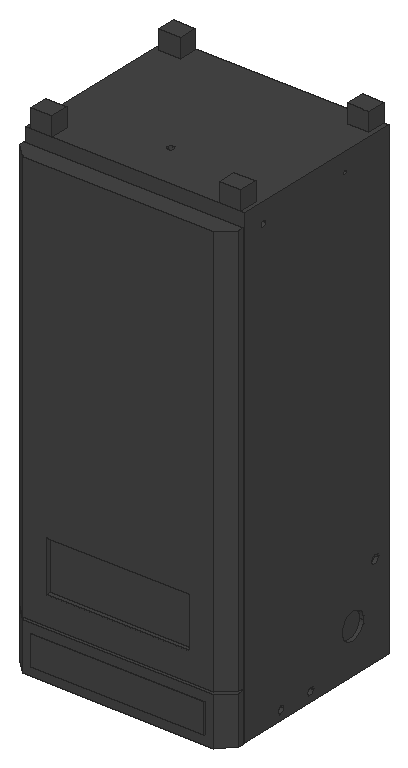
Revit family "SKG1012_revit", category Mechanical Equipment, Revit 2014
Parameters (values of type "Standard")
  d199 = 0' - 0"
  d196 = 4' - 3.9938"
  d194 = 0' - 0 1/2"
  d192 = 0' - 0 1/2"
  d190 = 0' - 0 1/2"
  d188 = 0' - 0 1/2"
  d186 = 0' - 0 1/2"
  d184 = 0' - 0 1/2"
  d182 = 0' - 0 1/2"
  d180 = 0' - 1.568"
  d178 = 0' - 2.04"
  d176 = 0' - 2.04"
  d174 = 0' - 2.04"
  d172 = 0' - 0 1/2"
  d170 = 0' - 2.04"
  d168 = 3' - 9.203"
  d166 = 3' - 8.953"
  d164 = 0' - 5 1/4"
  d162 = 0' - 5"
  d160 = 0' - 0 1/2"
  d158 = 0' - 0 1/2"
  d156 = 0' - 0 1/2"
  d154 = 0' - 0 1/2"
  d152 = 0' - 0 1/2"
  d150 = 0' - 0 1/2"
  d148 = 0' - 0 1/2"
  URL = "www.neptronic.com"
  Part Number = "SKG1012_revit"
  Model = "SKG3110, SKG3155, SKG3180, SKG3210"
  Manufacturer = "Neptronic"
  Designer = "Antoine"
  Design Status = 1
  Description = "Gas Fired Humidifier"
  Date Created = "2014-08-07 16:04:51"
  Connector_9_Diameter = 0' - 0"
  Connector_8_Diameter = 0' - 0"
  Connector_7_Diameter = 0' - 0"
  Connector_6_Diameter = 0' - 0"
  Connector_3_Diameter = 0' - 0"
  Connector_2_Diameter = 0' - 0"
  Connector_1_Width = 0' - 0"
  Connector_1_Height = 0' - 0"
  Connector_16_Diameter = 0' - 0"
  Connector_15_Diameter = 0' - 0"
  Connector_14_Diameter = 0' - 0"
  Connector_11_Diameter = 0' - 0"
  Connector_10_Diameter = 0' - 0"
  Author = "Antoine"
Reference planes (in)
  plane 1 "Center (Front/Back)": y = 0
  plane 2: z = 0
  plane 3 "Center (Left/Right)": x = 0
  plane 4: z = -51.7508
  plane 5: z = 0.243
  plane 6: x = 27.27025
  plane 7: x = 26.77025
  plane 8: x = 27.27025
  plane 9: x = 26.77025
  plane 10: x = 3.29725
  plane 11: x = 3.79725
  plane 12: x = 3.29725
  plane 13: x = 3.79725
  plane 14: x = 3.29725
  plane 15: x = 3.79725
  plane 16: x = 3.29725
  plane 17: x = 3.79725
  plane 18: x = 3.29725
  plane 19: x = 3.79725
  plane 20: x = 3.29725
  plane 21: x = 1.72925
  plane 22: z = 0.243
  plane 23: z = 2.283
  plane 24: z = 0.243
  plane 25: z = 2.283
  plane 26: z = 0.243
  plane 27: z = 2.283
  plane 28: z = 0.243
  plane 29: z = -0.257
  plane 30: z = 0.243
  plane 31: z = 2.283
  plane 32: z = -46.328
  plane 33: z = -1.125
  plane 34: z = -46.328
  plane 35: z = -1.375
  plane 36: z = -46.578
  plane 37: z = -51.828
  plane 38: z = -46.578
  plane 39: z = -51.578
  plane 40: x = 27.27025
  plane 41: x = 26.77025
  plane 42: x = 27.27025
  plane 43: x = 26.77025
  plane 44: x = 27.27025
  plane 45: x = 26.77025
  plane 46: x = 27.27025
  plane 47: x = 26.77025
  plane 48: z = -51.7508
  plane 49: z = -51.2508
  plane 50: z = -51.7508
  plane 51: z = -51.2508
  plane 52: y = 5.30249
  plane 53: y = 5.80249
Forms (in)
  Extrusion 1, solid
    sketch origin (0, 0, -51.7508) x (-1, 0, 0) y (0, -1, 0)
      loop
        line (-27.27025, -7.61349) -> (-27.27025, -27.36329) -> (-3.29725, -27.36329) -> (-3.29725, -7.61349) -> (-27.27025, -7.61349)
    from 0 to 51.9938
  Extrusion 2, void
    sketch origin (27.27025, 0, 0) x (0, -1, 0) y (0, 0, -1)
      loop
        circle (-10.18729, 1.94705) r 0.375
    from 0 to -0.5
  Extrusion 3, void
    sketch origin (27.27025, 0, 0) x (0, -1, 0) y (0, 0, -1)
      loop
        circle (-21.36229, 1.791) r 0.25
    from 0 to -0.5
  Extrusion 4, void
    sketch origin (3.29725, 0, 0) x (0, -1, 0) y (0, 0, 1)
      loop
        circle (-25.45329, -41.60102) r 0.5
    from 0 to -0.5
  Extrusion 5, void
    sketch origin (3.29725, 0, 0) x (0, -1, 0) y (0, 0, 1)
      loop
        circle (-10.18729, -1.94705) r 0.375
    from 0 to -0.5
  Extrusion 6, void
    sketch origin (3.29725, 0, 0) x (0, -1, 0) y (0, 0, 1)
      loop
        circle (-21.36229, -1.791) r 0.25
    from 0 to -0.5
  Extrusion 7, void
    sketch origin (3.29725, 0, 0) x (0, -1, 0) y (0, 0, 1)
      loop
        circle (-16.61229, -50.703) r 0.4375
    from 0 to -0.5
  Extrusion 8, void
    sketch origin (3.29725, 0, 0) x (0, -1, 0) y (0, 0, 1)
      loop
        circle (-12.61229, -50.703) r 0.4375
    from 0 to -0.5
  Extrusion 9, solid
    sketch origin (3.29725, 0, 0) x (0, -1, 0) y (0, 0, 1)
      loop
        circle (-22.41414, -46.813) r 1.5
    from 0 to 1.568
  Extrusion 10, solid
    sketch origin (0, 0, 0.243) x (-1, 0, 0) y (0, -1, 0)
      loop
        line (-6.11285, -25.26499) -> (-6.11285, -27.26499) -> (-3.79825, -27.26499) -> (-3.79825, -25.26499) -> (-6.11285, -25.26499)
    from 0 to 2.04
  Extrusion 11, solid
    sketch origin (0, 0, 0.243) x (-1, 0, 0) y (0, -1, 0)
      loop
        line (-26.76925, -25.26499) -> (-26.76925, -27.26499) -> (-24.45465, -27.26499) -> (-24.45465, -25.26499) -> (-26.76925, -25.26499)
    from 0 to 2.04
  Extrusion 12, solid
    sketch origin (0, 0, 0.243) x (-1, 0, 0) y (0, -1, 0)
      loop
        line (-24.45465, -9.70959) -> (-24.45465, -7.70959) -> (-26.76925, -7.70959) -> (-26.76925, -9.70959) -> (-24.45465, -9.70959)
    from 0 to 2.04
  Extrusion 13, void
    sketch origin (0, 0, 0.243) x (-1, 0, 0) y (0, -1, 0)
      loop
        circle (-15.28375, -12.48829) r 0.375
    from 0 to -0.5
  Extrusion 14, solid
    sketch origin (0, 0, 0.243) x (-1, 0, 0) y (0, -1, 0)
      loop
        line (-3.79825, -9.70959) -> (-3.79825, -7.70959) -> (-6.11285, -7.70959) -> (-6.11285, -9.70959) -> (-3.79825, -9.70959)
    from 0 to 2.04
  Extrusion 15, solid
    sketch origin (0, 0, -46.328) x (-1, 0, 0) y (0, -1, 0)
      loop
        line (-27.28425, -7.36349) -> (-3.28325, -7.36349) -> (-3.28325, -6.81329) -> (-4.79405, -5.30249) -> (-25.77445, -5.30249) -> (-27.28425, -6.81229) -> (-27.28425, -7.36349)
    from 0 to 45.203
  Extrusion 16, solid
    sketch origin (0, 0, -46.328) x (-1, 0, 0) y (0, -1, 0)
      loop
        line (-3.53325, -7.61349) -> (-3.53325, -7.36349) -> (-27.03425, -7.36349) -> (-27.03425, -7.61349) -> (-3.53325, -7.61349)
    from 0 to 44.953
  Extrusion 17, solid
    sketch origin (0, 0, -46.578) x (0, 1, 0) y (1, 0, 0)
      loop
        line (7.36349, 3.28325) -> (7.36349, 27.28425) -> (6.81229, 27.28425) -> (5.30249, 25.77445) -> (5.30249, 4.79405) -> (6.81329, 3.28325) -> (7.36349, 3.28325)
    from 0 to 5.25
  Extrusion 18, solid
    sketch origin (0, 0, -46.578) x (0, 1, 0) y (1, 0, 0)
      loop
        line (7.61349, 27.03425) -> (7.36349, 27.03425) -> (7.36349, 3.53325) -> (7.61349, 3.53325) -> (7.61349, 27.03425)
    from 0 to 5
  Extrusion 19, void
    sketch origin (27.27025, 0, 0) x (0, -1, 0) y (0, 0, -1)
      loop
        circle (-25.45329, 41.60102) r 0.5
    from 0 to -0.5
  Extrusion 20, void
    sketch origin (27.27025, 0, 0) x (0, -1, 0) y (0, 0, -1)
      loop
        circle (-22.41414, 46.813) r 1.5
    from 0 to -0.5
  Extrusion 21, void
    sketch origin (27.27025, 0, 0) x (0, -1, 0) y (0, 0, -1)
      loop
        circle (-12.61229, 50.703) r 0.4375
    from 0 to -0.5
  Extrusion 22, void
    sketch origin (27.27025, 0, 0) x (0, -1, 0) y (0, 0, -1)
      loop
        circle (-16.61229, 50.703) r 0.4375
    from 0 to -0.5
  Extrusion 23, void
    sketch origin (0, 0, -51.7508) x (-1, 0, 0) y (0, -1, 0)
      loop
        circle (-21.29725, -18.36329) r 1.5
    from 0 to 0.5
  Extrusion 24, void
    sketch origin (0, 0, -51.7508) x (-1, 0, 0) y (0, -1, 0)
      loop
        circle (-17.09725, -9.76329) r 1
    from 0 to 0.5
  Extrusion 25, void
    sketch origin (0, 5.30249, 0) x (-1, 0, 0) y (0, 0, -1)
      loop
        line (-23.15825, 37.572) -> (-7.40825, 37.572) -> (-7.40825, 43.1675) -> (-23.15825, 43.1675) -> (-23.15825, 37.572)
    from 0 to -0.5
  Extrusion 26, solid
    sketch origin (25.77445, 5.30249, -51.828) x (0, 0, 1) y (-1, 0, 0)
      loop
        line (1, 19.9804) -> (1, 1) -> (4.25, 1) -> (4.25, 19.9804) -> (1, 19.9804)
    from 0 to 0.125
Cuts and joins
  Extrusion 2, Extrusion 3, Extrusion 4, Extrusion 5, Extrusion 6, Extrusion 7, Extrusion 8, Extrusion 13, Extrusion 19, Extrusion 20, Extrusion 21, Extrusion 22, Extrusion 23, Extrusion 24, Extrusion 25 cuts Extrusion 1
  Extrusion 13, Extrusion 19, Extrusion 20, Extrusion 21, Extrusion 22, Extrusion 23, Extrusion 24, Extrusion 25 cuts Extrusion 9
  Extrusion 13, Extrusion 19, Extrusion 20, Extrusion 21, Extrusion 22, Extrusion 23, Extrusion 24, Extrusion 25 cuts Extrusion 10
  Extrusion 13, Extrusion 19, Extrusion 20, Extrusion 21, Extrusion 22, Extrusion 23, Extrusion 24, Extrusion 25 cuts Extrusion 11
  Extrusion 13, Extrusion 19, Extrusion 20, Extrusion 21, Extrusion 22, Extrusion 23, Extrusion 24, Extrusion 25 cuts Extrusion 12
  Extrusion 19, Extrusion 20, Extrusion 21, Extrusion 22, Extrusion 23, Extrusion 24, Extrusion 25 cuts Extrusion 14
  Extrusion 19, Extrusion 20, Extrusion 21, Extrusion 22, Extrusion 23, Extrusion 24, Extrusion 25 cuts Extrusion 15
  Extrusion 19, Extrusion 20, Extrusion 21, Extrusion 22, Extrusion 23, Extrusion 24, Extrusion 25 cuts Extrusion 16
  Extrusion 19, Extrusion 20, Extrusion 21, Extrusion 22, Extrusion 23, Extrusion 24, Extrusion 25 cuts Extrusion 17
  Extrusion 19, Extrusion 20, Extrusion 21, Extrusion 22, Extrusion 23, Extrusion 24, Extrusion 25 cuts Extrusion 18
  joined: Extrusion 1, Extrusion 9, Extrusion 10, Extrusion 11, Extrusion 12, Extrusion 14, Extrusion 15, Extrusion 16, Extrusion 17, Extrusion 18, Extrusion 26
Lines and regions (in)
  reference lines
    curve 1: line (27.27025, 7.61349, -51.7508) -> (3.29725, 7.61349, -51.7508)
    curve 2: line (3.29725, 7.61349, -51.7508) -> (3.29725, 27.36329, -51.7508)
    curve 3: line (3.29725, 27.36329, -51.7508) -> (27.27025, 27.36329, -51.7508)
    curve 4: line (27.27025, 27.36329, -51.7508) -> (27.27025, 7.61349, -51.7508)
    curve 5: circle (27.27025, 10.18729, -1.94705) r 0.375 normal (1, 0, 0)
    curve 6: circle (27.27025, 21.36229, -1.791) r 0.25 normal (1, 0, 0)
    curve 7: circle (3.29725, 25.45329, -41.60102) r 0.5 normal (-1, 0, 0)
    curve 8: circle (3.29725, 10.18729, -1.94705) r 0.375 normal (-1, 0, 0)
    curve 9: circle (3.29725, 21.36229, -1.791) r 0.25 normal (-1, 0, 0)
    curve 10: circle (3.29725, 16.61229, -50.703) r 0.4375 normal (-1, 0, 0)
    curve 11: circle (3.29725, 12.61229, -50.703) r 0.4375 normal (-1, 0, 0)
    curve 12: circle (3.29725, 22.41414, -46.813) r 1.5 normal (-1, 0, 0)
    curve 13: line (6.11285, 25.26499, 0.243) -> (3.79825, 25.26499, 0.243)
    curve 14: line (3.79825, 25.26499, 0.243) -> (3.79825, 27.26499, 0.243)
    curve 15: line (3.79825, 27.26499, 0.243) -> (6.11285, 27.26499, 0.243)
    curve 16: line (6.11285, 27.26499, 0.243) -> (6.11285, 25.26499, 0.243)
    curve 17: line (26.76925, 25.26499, 0.243) -> (24.45465, 25.26499, 0.243)
    curve 18: line (24.45465, 25.26499, 0.243) -> (24.45465, 27.26499, 0.243)
    curve 19: line (24.45465, 27.26499, 0.243) -> (26.76925, 27.26499, 0.243)
    curve 20: line (26.76925, 27.26499, 0.243) -> (26.76925, 25.26499, 0.243)
    curve 21: line (24.45465, 9.70959, 0.243) -> (26.76925, 9.70959, 0.243)
    curve 22: line (26.76925, 9.70959, 0.243) -> (26.76925, 7.70959, 0.243)
    curve 23: line (26.76925, 7.70959, 0.243) -> (24.45465, 7.70959, 0.243)
    curve 24: line (24.45465, 7.70959, 0.243) -> (24.45465, 9.70959, 0.243)
    curve 25: circle (15.28375, 12.48829, 0.243) r 0.375 normal (0, 0, 1)
    curve 26: line (3.79825, 9.70959, 0.243) -> (6.11285, 9.70959, 0.243)
    curve 27: line (6.11285, 9.70959, 0.243) -> (6.11285, 7.70959, 0.243)
    curve 28: line (6.11285, 7.70959, 0.243) -> (3.79825, 7.70959, 0.243)
    curve 29: line (3.79825, 7.70959, 0.243) -> (3.79825, 9.70959, 0.243)
    curve 30: line (27.28425, 7.36349, -46.328) -> (3.28325, 7.36349, -46.328)
    curve 31: line (3.28325, 7.36349, -46.328) -> (3.28325, 6.81329, -46.328)
    curve 32: line (3.28325, 6.81329, -46.328) -> (4.79405, 5.30249, -46.328)
    curve 33: line (4.79405, 5.30249, -46.328) -> (25.77445, 5.30249, -46.328)
    curve 34: line (25.77445, 5.30249, -46.328) -> (27.28425, 6.81229, -46.328)
    curve 35: line (27.28425, 6.81229, -46.328) -> (27.28425, 7.36349, -46.328)
    curve 36: line (3.53325, 7.61349, -46.328) -> (27.03425, 7.61349, -46.328)
    curve 37: line (27.03425, 7.61349, -46.328) -> (27.03425, 7.36349, -46.328)
    curve 38: line (27.03425, 7.36349, -46.328) -> (3.53325, 7.36349, -46.328)
    curve 39: line (3.53325, 7.61349, -46.328) -> (3.53325, 7.36349, -46.328)
    curve 40: line (3.28325, 7.36349, -46.578) -> (27.28425, 7.36349, -46.578)
    curve 41: line (27.28425, 7.36349, -46.578) -> (27.28425, 6.81229, -46.578)
    curve 42: line (27.28425, 6.81229, -46.578) -> (25.77445, 5.30249, -46.578)
    curve 43: line (25.77445, 5.30249, -46.578) -> (4.79405, 5.30249, -46.578)
    curve 44: line (4.79405, 5.30249, -46.578) -> (3.28325, 6.81329, -46.578)
    curve 45: line (3.28325, 6.81329, -46.578) -> (3.28325, 7.36349, -46.578)
    curve 46: line (27.03425, 7.61349, -46.578) -> (3.53325, 7.61349, -46.578)
    curve 47: line (3.53325, 7.61349, -46.578) -> (3.53325, 7.36349, -46.578)
    curve 48: line (3.53325, 7.36349, -46.578) -> (27.03425, 7.36349, -46.578)
    curve 49: line (27.03425, 7.61349, -46.578) -> (27.03425, 7.36349, -46.578)
    curve 50: circle (27.27025, 25.45329, -41.60102) r 0.5 normal (1, 0, 0)
    curve 51: circle (27.27025, 22.41414, -46.813) r 1.5 normal (1, 0, 0)
    curve 52: circle (27.27025, 12.61229, -50.703) r 0.4375 normal (1, 0, 0)
    curve 53: circle (27.27025, 16.61229, -50.703) r 0.4375 normal (1, 0, 0)
    curve 54: circle (21.29725, 18.36329, -51.7508) r 1.5 normal (0, 0, 1)
    curve 55: circle (17.09725, 9.76329, -51.7508) r 1 normal (0, 0, 1)
    curve 56: line (23.15825, 5.30249, -37.572) -> (23.15825, 5.30249, -43.1675)
    curve 57: line (23.15825, 5.30249, -43.1675) -> (7.40825, 5.30249, -43.1675)
    curve 58: line (7.40825, 5.30249, -43.1675) -> (7.40825, 5.30249, -37.572)
    curve 59: line (7.40825, 5.30249, -37.572) -> (23.15825, 5.30249, -37.572)
    curve 60: line (5.79405, 5.30249, -50.828) -> (5.79405, 5.30249, -47.578)
    curve 61: line (5.79405, 5.30249, -47.578) -> (24.77445, 5.30249, -47.578)
    curve 62: line (24.77445, 5.30249, -47.578) -> (24.77445, 5.30249, -50.828)
    curve 63: line (24.77445, 5.30249, -50.828) -> (5.79405, 5.30249, -50.828)
Dimensions and locks (in)
  "d196": plane 4 to plane 5
  "d194": plane 7 to plane 6
  "d192": plane 9 to plane 8
  "d190": plane 11 to plane 10
  "d188": plane 13 to plane 12
  "d186": plane 15 to plane 14
  "d184": plane 17 to plane 16
  "d182": plane 19 to plane 18
  "d180": plane 20 to plane 21
  "d178": plane 22 to plane 23
  "d176": plane 24 to plane 25
  "d174": plane 26 to plane 27
  "d172": plane 29 to plane 28
  "d170": plane 30 to plane 31
  "d168": plane 32 to plane 33
  "d166": plane 34 to plane 35
  "d164": plane 36 to plane 37
  "d162": plane 38 to plane 39
  "d160": plane 41 to plane 40
  "d158": plane 43 to plane 42
  "d156": plane 45 to plane 44
  "d154": plane 47 to plane 46
  "d152": plane 48 to plane 49
  "d150": plane 50 to plane 51
  "d148": plane 53 to plane 52
  aligned and locked: plane 2 to level
  aligned and locked: Extrusion 1 to plane 5
  aligned and locked: Extrusion 1 to plane 4
  aligned and locked: Extrusion 1 sketch curve to curve 1
  aligned and locked: Extrusion 1 sketch curve to curve 2
  aligned and locked: Extrusion 1 sketch curve to curve 3
  aligned and locked: Extrusion 1 sketch curve to curve 4
  aligned and locked: Extrusion 2 to plane 7
  aligned and locked: plane 6 to Extrusion 2
  aligned and locked: Extrusion 2 sketch curve to curve 5  (x2)
  aligned and locked: Extrusion 3 to plane 9
  aligned and locked: plane 8 to Extrusion 3
  aligned and locked: Extrusion 3 sketch curve to curve 6  (x2)
  aligned and locked: Extrusion 4 to plane 11
  aligned and locked: plane 10 to Extrusion 4
  aligned and locked: Extrusion 4 sketch curve to curve 7  (x2)
  aligned and locked: Extrusion 5 to plane 13
  aligned and locked: plane 12 to Extrusion 5
  aligned and locked: Extrusion 5 sketch curve to curve 8  (x2)
  aligned and locked: Extrusion 6 to plane 15
  aligned and locked: plane 14 to Extrusion 6
  aligned and locked: Extrusion 6 sketch curve to curve 9  (x2)
  aligned and locked: Extrusion 7 to plane 17
  aligned and locked: plane 16 to Extrusion 7
  aligned and locked: Extrusion 7 sketch curve to curve 10  (x2)
  aligned and locked: Extrusion 8 to plane 19
  aligned and locked: plane 18 to Extrusion 8
  aligned and locked: Extrusion 8 sketch curve to curve 11  (x2)
  aligned and locked: plane 21 to Extrusion 9
  aligned and locked: Extrusion 9 to plane 20
  aligned and locked: Extrusion 9 sketch curve to curve 12  (x2)
  aligned and locked: Extrusion 10 to plane 23
  aligned and locked: plane 22 to Extrusion 10
  aligned and locked: Extrusion 10 sketch curve to curve 13
  aligned and locked: Extrusion 10 sketch curve to curve 14
  aligned and locked: Extrusion 10 sketch curve to curve 15
  aligned and locked: Extrusion 10 sketch curve to curve 16
  aligned and locked: plane 25 to Extrusion 11
  aligned and locked: Extrusion 11 to plane 24
  aligned and locked: Extrusion 11 sketch curve to curve 17
  aligned and locked: Extrusion 11 sketch curve to curve 18
  aligned and locked: Extrusion 11 sketch curve to curve 19
  aligned and locked: Extrusion 11 sketch curve to curve 20
  aligned and locked: plane 27 to Extrusion 12
  aligned and locked: Extrusion 12 to plane 26
  aligned and locked: Extrusion 12 sketch curve to curve 21
  aligned and locked: Extrusion 12 sketch curve to curve 22
  aligned and locked: Extrusion 12 sketch curve to curve 23
  aligned and locked: Extrusion 12 sketch curve to curve 24
  aligned and locked: Extrusion 13 to plane 29
  aligned and locked: Extrusion 13 to plane 28
  aligned and locked: Extrusion 13 sketch curve to curve 25  (x2)
  aligned and locked: Extrusion 14 to plane 31
  aligned and locked: plane 30 to Extrusion 14
  aligned and locked: Extrusion 14 sketch curve to curve 26
  aligned and locked: Extrusion 14 sketch curve to curve 27
  aligned and locked: Extrusion 14 sketch curve to curve 28
  aligned and locked: Extrusion 14 sketch curve to curve 29
  aligned and locked: Extrusion 15 to plane 33
  aligned and locked: Extrusion 15 to plane 32
  aligned and locked: Extrusion 15 sketch curve to curve 30
  aligned and locked: Extrusion 15 sketch curve to curve 31
  aligned and locked: Extrusion 15 sketch curve to curve 32
  aligned and locked: Extrusion 15 sketch curve to curve 33
  aligned and locked: Extrusion 15 sketch curve to curve 34
  aligned and locked: Extrusion 15 sketch curve to curve 35
  aligned and locked: plane 35 to Extrusion 16
  aligned and locked: Extrusion 16 to plane 34
  aligned and locked: Extrusion 16 sketch curve to curve 36
  aligned and locked: Extrusion 16 sketch curve to curve 37
  aligned and locked: Extrusion 16 sketch curve to curve 38
  aligned and locked: Extrusion 16 sketch curve to curve 39
  aligned and locked: plane 37 to Extrusion 17
  aligned and locked: Extrusion 17 to plane 36
  aligned and locked: Extrusion 17 sketch curve to curve 40
  aligned and locked: Extrusion 17 sketch curve to curve 41
  aligned and locked: Extrusion 17 sketch curve to curve 42
  aligned and locked: Extrusion 17 sketch curve to curve 43
  aligned and locked: Extrusion 17 sketch curve to curve 44
  aligned and locked: Extrusion 17 sketch curve to curve 45
  aligned and locked: plane 39 to Extrusion 18
  aligned and locked: Extrusion 18 to plane 38
  aligned and locked: Extrusion 18 sketch curve to curve 46
  aligned and locked: Extrusion 18 sketch curve to curve 47
  aligned and locked: Extrusion 18 sketch curve to curve 48
  aligned and locked: Extrusion 18 sketch curve to curve 49
  aligned and locked: Extrusion 19 to plane 41
  aligned and locked: plane 40 to Extrusion 19
  aligned and locked: Extrusion 19 sketch curve to curve 50  (x2)
  aligned and locked: Extrusion 20 to plane 43
  aligned and locked: plane 42 to Extrusion 20
  aligned and locked: Extrusion 20 sketch curve to curve 51  (x2)
  aligned and locked: Extrusion 21 to plane 45
  aligned and locked: plane 44 to Extrusion 21
  aligned and locked: Extrusion 21 sketch curve to curve 52  (x2)
  aligned and locked: Extrusion 22 to plane 47
  aligned and locked: plane 46 to Extrusion 22
  aligned and locked: Extrusion 22 sketch curve to curve 53  (x2)
  aligned and locked: Extrusion 23 to plane 49
  aligned and locked: Extrusion 23 to plane 48
  aligned and locked: Extrusion 23 sketch curve to curve 54  (x2)
  aligned and locked: Extrusion 24 to plane 51
  aligned and locked: Extrusion 24 to plane 50
  aligned and locked: Extrusion 24 sketch curve to curve 55  (x2)
  aligned and locked: Extrusion 25 to plane 53
  aligned and locked: plane 52 to Extrusion 25
  aligned and locked: Extrusion 25 sketch curve to curve 56
  aligned and locked: Extrusion 25 sketch curve to curve 57
  aligned and locked: Extrusion 25 sketch curve to curve 58
  aligned and locked: Extrusion 25 sketch curve to curve 59
  aligned and locked: Extrusion 26 sketch curve to curve 60
  aligned and locked: Extrusion 26 sketch curve to curve 61
  aligned and locked: Extrusion 26 sketch curve to curve 62
  aligned and locked: Extrusion 26 sketch curve to curve 63
Connectors (in)
  hvac at (15.28325, 5.80249, -40.36975), driven by "Connector_1_Height", driven by "Connector_1_Width"
    settings: on cut or joined group 1 (Extrusion 1, Extrusion 2, Extrusion 3, Extrusion 4, Extrusion 5, Extrusion 6, Extrusion 7, Extrusion 8, Extrusion 9, Extrusion 10, Extrusion 11, Extrusion 12, Extrusion 13, Extrusion 14, Extrusion 15, Extrusion 16, Extrusion 17, Extrusion 18, Extrusion 19, Extrusion 20, Extrusion 21, Extrusion 22, Extrusion 23, Extrusion 24, Extrusion 25, Extrusion 26), index 1, duct flow 0 CFM, flow factor 0, pres drop 0.00 in-wg, loss coef 0, conn angle 0.00°, conn width 0", conn height 0", conn diameter 24", duct sys type 1, conn prof type 1, flow config 1, flow direction 1, loss method 0, conn ref index -1, conn util no, is conn primary yes, conn desc "Natural Air Inlet"
  hvac at (17.09725, 9.76329, -51.7508), driven by "Connector_2_Diameter"
    settings: on cut or joined group 1, index 2, duct flow 0 CFM, flow factor 0, pres drop 0.00 in-wg, loss coef 0, conn angle 0.00°, conn width 12", conn height 12", conn diameter 0", duct sys type 1, conn prof type 0, flow config 1, flow direction 1, loss method 0, conn ref index -1, conn util no, is conn primary no, conn desc "Ducted combustion air inlet 2\" (Sealed combustion) (Option)"
  hvac at (21.29725, 18.36329, -51.7508), driven by "Connector_3_Diameter"
    settings: on cut or joined group 1, index 3, duct flow 0 CFM, flow factor 0, pres drop 0.00 in-wg, loss coef 0, conn angle 0.00°, conn width 12", conn height 12", conn diameter 0", duct sys type 1, conn prof type 0, flow config 1, flow direction 2, loss method 0, conn ref index -1, conn util no, is conn primary no, conn desc "Steam Outlet (3\")"
  electrical at (3.29725, 12.61229, -50.703)
    settings: on cut or joined group 1, index 4, voltage 0 V, apparent load 0 VA, apparent load phase1 0 VA, apparent load phase2 0 VA, apparent load phase3 0 VA, power factor 1, load classification "Other", number of poles 1, system type 13, power factor state 1, is connector primary yes, connector utility no, sub classification motor no, connector description "Low Voltage Control Inlet 7/8\"-1 3/8\" (KO) (STD)"
  electrical at (3.29725, 16.61229, -50.703)
    settings: on cut or joined group 1, index 5, voltage 0 V, apparent load 0 VA, apparent load phase1 0 VA, apparent load phase2 0 VA, apparent load phase3 0 VA, power factor 0, load classification "Other", number of poles 1, system type 30, power factor state 1, is connector primary no, connector utility no, sub classification motor no, connector description "Power supply 7/8\"-1 3/8\" (KO) (STD)"
  hvac at (1.72925, 22.41414, -46.813), driven by "Connector_6_Diameter"
    settings: on cut or joined group 1, index 6, duct flow 0 CFM, flow factor 0, pres drop 0.00 in-wg, loss coef 0, conn angle 0.00°, conn width 12", conn height 12", conn diameter 0", duct sys type 3, conn prof type 0, flow config 1, flow direction 2, loss method 0, conn ref index -1, conn util no, is conn primary no, conn desc "Flue outlet 3\" (STD)"
  piping at (3.29725, 25.45329, -41.60102), driven by "Connector_7_Diameter"
    settings: on cut or joined group 1, index 7, connector diameter 0", connector inside diameter 24", connector length 0' - 0", flow factor 0, pipe flow 0 GPM, pressure drop 0.00 psi, fitting loss kfactor 0, connector angle 0.00°, fixture units 0, engagement length 0' - 0", angle of deflection 0.00°, flow configuration 1, flow direction 1, fitting loss method 0, system type 22, joint type 0, gender type 0, connector reference index -1, connector utility 0, adjustable connector no, is connector primary yes, connector description "Gas supply 1\" NPT (STD)"
  piping at (3.29725, 21.36229, -1.791), driven by "Connector_8_Diameter"
    settings: on cut or joined group 1, index 8, connector diameter 0", connector inside diameter 24", connector length 0' - 0", flow factor 0, pipe flow 0 GPM, pressure drop 0.00 psi, fitting loss kfactor 0, connector angle 0.00°, fixture units 0, engagement length 0' - 0", angle of deflection 0.00°, flow configuration 1, flow direction 1, fitting loss method 0, system type 20, joint type 0, gender type 0, connector reference index -1, connector utility 0, adjustable connector no, is connector primary no, connector description "Water Inlet 1/2\" NPT (STD)"
  piping at (3.29725, 10.18729, -1.94705), driven by "Connector_9_Diameter"
    settings: on cut or joined group 1, index 9, connector diameter 0", connector inside diameter 24", connector length 0' - 0", flow factor 0, pipe flow 0 GPM, pressure drop 0.00 psi, fitting loss kfactor 0, connector angle 0.00°, fixture units 0, engagement length 0' - 0", angle of deflection 0.00°, flow configuration 1, flow direction 2, fitting loss method 0, system type 16, joint type 0, gender type 0, connector reference index -1, connector utility 0, adjustable connector no, is connector primary no, connector description "Main drain outlet 3/4\" (STD)"
  piping at (15.28375, 12.48829, 0.243), driven by "Connector_10_Diameter"
    settings: on cut or joined group 1, index 10, connector diameter 0", connector inside diameter 24", connector length 0' - 0", flow factor 0, pipe flow 0 GPM, pressure drop 0.00 psi, fitting loss kfactor 0, connector angle 0.00°, fixture units 0, engagement length 0' - 0", angle of deflection 0.00°, flow configuration 1, flow direction 2, fitting loss method 0, system type 16, joint type 0, gender type 0, connector reference index -1, connector utility 0, adjustable connector no, is connector primary no, connector description "Pan drip drain outlet 3/4\" (STD)"
  hvac at (27.27025, 22.41414, -46.813), driven by "Connector_11_Diameter"
    settings: on cut or joined group 1, index 11, duct flow 0 CFM, flow factor 0, pres drop 0.00 in-wg, loss coef 0, conn angle 0.00°, conn width 12", conn height 12", conn diameter 0", duct sys type 3, conn prof type 0, flow config 1, flow direction 2, loss method 0, conn ref index -1, conn util no, is conn primary no, conn desc "Flue Outlet 3\" (Option)"
  electrical at (27.27025, 12.61229, -50.703)
    settings: on cut or joined group 1, index 12, voltage 0 V, apparent load 0 VA, apparent load phase1 0 VA, apparent load phase2 0 VA, apparent load phase3 0 VA, power factor 1, load classification "Other", number of poles 1, system type 13, power factor state 1, is connector primary no, connector utility no, sub classification motor no, connector description "Low Voltage Control Inlet 7/8\"-1 3/8\" (KO) (Option)"
  electrical at (27.27025, 16.61229, -50.703)
    settings: on cut or joined group 1, index 13, voltage 0 V, apparent load 0 VA, apparent load phase1 0 VA, apparent load phase2 0 VA, apparent load phase3 0 VA, power factor 0, load classification "Other", number of poles 1, system type 30, power factor state 1, is connector primary no, connector utility no, sub classification motor no, connector description "Power Supply Inlet 7/8\"-1 3/8\" (KO) (Option)"
  piping at (27.27025, 25.45329, -41.60102), driven by "Connector_14_Diameter"
    settings: on cut or joined group 1, index 14, connector diameter 0", connector inside diameter 24", connector length 0' - 0", flow factor 0, pipe flow 0 GPM, pressure drop 0.00 psi, fitting loss kfactor 0, connector angle 0.00°, fixture units 0, engagement length 0' - 0", angle of deflection 0.00°, flow configuration 1, flow direction 1, fitting loss method 0, system type 22, joint type 0, gender type 0, connector reference index -1, connector utility 0, adjustable connector no, is connector primary no, connector description "Gas supply inlet 1\" NPT (Option)"
  piping at (27.27025, 10.18729, -1.94705), driven by "Connector_15_Diameter"
    settings: on cut or joined group 1, index 15, connector diameter 0", connector inside diameter 24", connector length 0' - 0", flow factor 0, pipe flow 0 GPM, pressure drop 0.00 psi, fitting loss kfactor 0, connector angle 0.00°, fixture units 0, engagement length 0' - 0", angle of deflection 0.00°, flow configuration 1, flow direction 2, fitting loss method 0, system type 16, joint type 0, gender type 0, connector reference index -1, connector utility 0, adjustable connector no, is connector primary no, connector description "Main Drain outlet 3/4\" (Option)"
  piping at (27.27025, 21.36229, -1.791), driven by "Connector_16_Diameter"
    settings: on cut or joined group 1, index 16, connector diameter 0", connector inside diameter 24", connector length 0' - 0", flow factor 0, pipe flow 0 GPM, pressure drop 0.00 psi, fitting loss kfactor 0, connector angle 0.00°, fixture units 0, engagement length 0' - 0", angle of deflection 0.00°, flow configuration 1, flow direction 1, fitting loss method 0, system type 20, joint type 0, gender type 0, connector reference index -1, connector utility 0, adjustable connector no, is connector primary no, connector description "Water supply inlet 1/2\" NPT (Option)"
